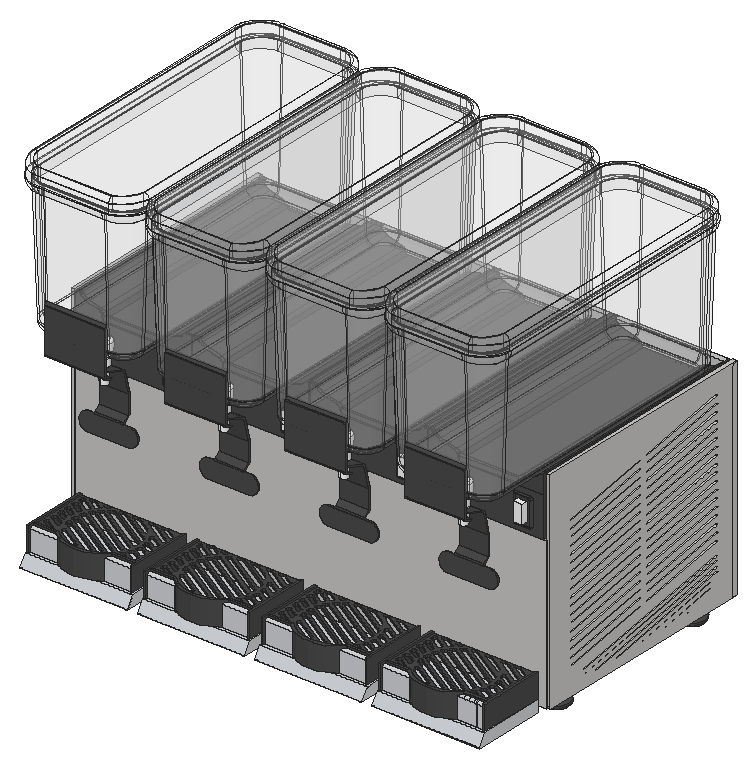
Revit family "QF_Vollrath-VBBD4-37T", category Specialty Equipment, Revit 2018 (continued)
Forms (in)
  Extrusion 6, solid, material "QF_Finishes-Stainless"
    sketch origin (0, 0, 0) x (1, 0, 0) y (0, 0, 1)
      loop
        arc (11.69634, 10.11216) -> (11.66029, 10.10687) -> (11.62728, 10.09148) r 0.12567
        line (11.62728, 10.09148) -> (11.50867, 9.98837) -> (11.50867, 9.94064)
      loop
        line (11.50867, 10.31465) -> (16.82371, 10.31465) -> (16.82371, 10.36239) -> (16.7051, 10.46549)
        arc (16.7051, 10.46549) -> (16.67208, 10.48089) -> (16.63603, 10.48617) r 0.12567
        line (16.63603, 10.48617) -> (11.69634, 10.48617)
        arc (11.69634, 10.48617) -> (11.66029, 10.48089) -> (11.62728, 10.46549) r 0.12567
        line (11.62728, 10.46549) -> (11.50867, 10.36239) -> (11.50867, 10.31465)
      loop
        line (11.50867, 10.68867) -> (16.82371, 10.68867) -> (16.82371, 10.7364) -> (16.7051, 10.83951)
        arc (16.7051, 10.83951) -> (16.67208, 10.85491) -> (16.63603, 10.86019) r 0.12567
        line (16.63603, 10.86019) -> (11.69634, 10.86019)
        arc (11.69634, 10.86019) -> (11.66029, 10.85491) -> (11.62728, 10.83951) r 0.12567
        line (11.62728, 10.83951) -> (11.50867, 10.7364) -> (11.50867, 10.68867)
      loop
        line (11.50867, 11.06268) -> (16.82371, 11.06268) -> (16.82371, 11.11042) -> (16.7051, 11.21352)
        arc (16.7051, 11.21352) -> (16.67208, 11.22892) -> (16.63603, 11.2342) r 0.12567
        line (16.63603, 11.2342) -> (11.69634, 11.2342)
        arc (11.69634, 11.2342) -> (11.66029, 11.22892) -> (11.62728, 11.21352) r 0.12567
        line (11.62728, 11.21352) -> (11.50867, 11.11042) -> (11.50867, 11.06268)
      loop
        line (11.50867, 11.4367) -> (16.82371, 11.4367) -> (16.82371, 11.48443) -> (16.7051, 11.58754)
        arc (16.7051, 11.58754) -> (16.67208, 11.60294) -> (16.63603, 11.60822) r 0.12567
        line (16.63603, 11.60822) -> (11.69634, 11.60822)
        arc (11.69634, 11.60822) -> (11.66029, 11.60294) -> (11.62728, 11.58754) r 0.12567
        line (11.62728, 11.58754) -> (11.50867, 11.48443) -> (11.50867, 11.4367)
      loop
        line (11.50867, 11.81072) -> (16.82371, 11.81072) -> (16.82371, 11.85845) -> (16.7051, 11.96156)
        arc (16.7051, 11.96156) -> (16.67208, 11.97695) -> (16.63603, 11.98223) r 0.12567
        line (16.63603, 11.98223) -> (11.69634, 11.98223)
        arc (11.69634, 11.98223) -> (11.66029, 11.97695) -> (11.62728, 11.96156) r 0.12567
        line (11.62728, 11.96156) -> (11.50867, 11.85845) -> (11.50867, 11.81072)
      loop
        line (11.50867, 12.18473) -> (16.82363, 12.18473) -> (16.82363, 12.23247) -> (16.70502, 12.33557)
        arc (16.70502, 12.33557) -> (16.672, 12.35097) -> (16.63595, 12.35625) r 0.12567
        line (16.63595, 12.35625) -> (11.69634, 12.35625)
        arc (11.69634, 12.35625) -> (11.66029, 12.35097) -> (11.62728, 12.33557) r 0.12567
        line (11.62728, 12.33557) -> (11.50867, 12.23247) -> (11.50867, 12.18473)
      loop
        line (18.5068, 2.08631) -> (23.82183, 2.08631) -> (23.82183, 2.13404) -> (23.70323, 2.23715)
        arc (23.70323, 2.23715) -> (23.67021, 2.25254) -> (23.63416, 2.25782) r 0.12567
        line (23.63416, 2.25782) -> (18.69447, 2.25782)
        arc (18.69447, 2.25782) -> (18.65842, 2.25254) -> (18.62541, 2.23715) r 0.12567
        line (18.62541, 2.23715) -> (18.5068, 2.13404) -> (18.5068, 2.08631)
      loop
        line (18.5068, 2.46032) -> (23.82183, 2.46032) -> (23.82183, 2.50806) -> (23.70323, 2.61116)
        arc (23.70323, 2.61116) -> (23.67021, 2.62656) -> (23.63416, 2.63184) r 0.12567
        line (23.63416, 2.63184) -> (18.69447, 2.63184)
        arc (18.69447, 2.63184) -> (18.65842, 2.62656) -> (18.62541, 2.61116) r 0.12567
        line (18.62541, 2.61116) -> (18.5068, 2.50806) -> (18.5068, 2.46032)
      loop
        line (18.5068, 2.83434) -> (23.82183, 2.83434) -> (23.82183, 2.88207) -> (23.70323, 2.98518)
        arc (23.70323, 2.98518) -> (23.67021, 3.00058) -> (23.63416, 3.00586) r 0.12567
        line (23.63416, 3.00586) -> (18.69447, 3.00586)
        arc (18.69447, 3.00586) -> (18.65842, 3.00058) -> (18.62541, 2.98518) r 0.12567
        line (18.62541, 2.98518) -> (18.5068, 2.88207) -> (18.5068, 2.83434)
      loop
        line (18.5068, 3.20835) -> (23.82183, 3.20835) -> (23.82183, 3.25609) -> (23.70323, 3.35919)
        arc (23.70323, 3.35919) -> (23.67021, 3.37459) -> (23.63416, 3.37987) r 0.12567
        line (23.63416, 3.37987) -> (18.69447, 3.37987)
        arc (18.69447, 3.37987) -> (18.65842, 3.37459) -> (18.62541, 3.35919) r 0.12567
        line (18.62541, 3.35919) -> (18.5068, 3.25609) -> (18.5068, 3.20835)
      loop
        line (18.5068, 3.58237) -> (23.82183, 3.58237) -> (23.82183, 3.6301) -> (23.70323, 3.73321)
        arc (23.70323, 3.73321) -> (23.67021, 3.74861) -> (23.63416, 3.75389) r 0.12567
        line (23.63416, 3.75389) -> (18.69447, 3.75389)
        arc (18.69447, 3.75389) -> (18.65842, 3.74861) -> (18.62541, 3.73321) r 0.12567
        line (18.62541, 3.73321) -> (18.5068, 3.6301) -> (18.5068, 3.58237)
      loop
        line (18.5068, 3.95639) -> (23.82183, 3.95639) -> (23.82183, 4.00412) -> (23.70323, 4.10722)
        arc (23.70323, 4.10722) -> (23.67021, 4.12262) -> (23.63416, 4.1279) r 0.12567
        line (23.63416, 4.1279) -> (18.69447, 4.1279)
        arc (18.69447, 4.1279) -> (18.65842, 4.12262) -> (18.62541, 4.10722) r 0.12567
        line (18.62541, 4.10722) -> (18.5068, 4.00412) -> (18.5068, 3.95639)
      loop
        line (18.5068, 4.3304) -> (23.82183, 4.3304) -> (23.82183, 4.37813) -> (23.70323, 4.48124)
        arc (23.70323, 4.48124) -> (23.67021, 4.49664) -> (23.63416, 4.50192) r 0.12567
        line (23.63416, 4.50192) -> (18.69447, 4.50192)
        arc (18.69447, 4.50192) -> (18.65842, 4.49664) -> (18.62541, 4.48124) r 0.12567
        line (18.62541, 4.48124) -> (18.5068, 4.37813) -> (18.5068, 4.3304)
      loop
        line (18.5068, 4.70442) -> (23.82183, 4.70442) -> (23.82183, 4.75215) -> (23.70323, 4.85526)
        arc (23.70323, 4.85526) -> (23.67021, 4.87065) -> (23.63416, 4.87594) r 0.12567
        line (23.63416, 4.87594) -> (18.69447, 4.87594)
        arc (18.69447, 4.87594) -> (18.65842, 4.87065) -> (18.62541, 4.85526) r 0.12567
        line (18.62541, 4.85526) -> (18.5068, 4.75215) -> (18.5068, 4.70442)
      loop
        line (18.5068, 5.07843) -> (23.82183, 5.07843) -> (23.82183, 5.12617) -> (23.70323, 5.22927)
        arc (23.70323, 5.22927) -> (23.67021, 5.24467) -> (23.63416, 5.24995) r 0.12567
        line (23.63416, 5.24995) -> (18.69447, 5.24995)
        arc (18.69447, 5.24995) -> (18.65842, 5.24467) -> (18.62541, 5.22927) r 0.12567
        line (18.62541, 5.22927) -> (18.5068, 5.12617) -> (18.5068, 5.07843)
      loop
        line (18.5068, 5.45245) -> (23.82183, 5.45245) -> (23.82183, 5.50018) -> (23.70323, 5.60329)
        arc (23.70323, 5.60329) -> (23.67021, 5.61869) -> (23.63416, 5.62397) r 0.12567
        line (23.63416, 5.62397) -> (18.69447, 5.62397)
        arc (18.69447, 5.62397) -> (18.65842, 5.61869) -> (18.62541, 5.60329) r 0.12567
        line (18.62541, 5.60329) -> (18.5068, 5.50018) -> (18.5068, 5.45245)
      loop
        line (18.5068, 5.82646) -> (23.82183, 5.82646) -> (23.82183, 5.8742) -> (23.70323, 5.9773)
        arc (23.70323, 5.9773) -> (23.67021, 5.9927) -> (23.63416, 5.99798) r 0.12567
        line (23.63416, 5.99798) -> (18.69447, 5.99798)
        arc (18.69447, 5.99798) -> (18.65842, 5.9927) -> (18.62541, 5.9773) r 0.12567
        line (18.62541, 5.9773) -> (18.5068, 5.8742) -> (18.5068, 5.82646)
      loop
        line (18.5068, 6.20048) -> (23.82183, 6.20048) -> (23.82183, 6.24821) -> (23.70323, 6.35132)
        arc (23.70323, 6.35132) -> (23.67021, 6.36672) -> (23.63416, 6.372) r 0.12567
        line (23.63416, 6.372) -> (18.69447, 6.372)
        arc (18.69447, 6.372) -> (18.65842, 6.36672) -> (18.62541, 6.35132) r 0.12567
        line (18.62541, 6.35132) -> (18.5068, 6.24821) -> (18.5068, 6.20048)
      loop
        line (18.5068, 6.5745) -> (23.82183, 6.5745) -> (23.82183, 6.62223) -> (23.70323, 6.72534)
        arc (23.70323, 6.72534) -> (23.67021, 6.74073) -> (23.63416, 6.74601) r 0.12567
        line (23.63416, 6.74601) -> (18.69447, 6.74601)
        arc (18.69447, 6.74601) -> (18.65842, 6.74073) -> (18.62541, 6.72534) r 0.12567
        line (18.62541, 6.72534) -> (18.5068, 6.62223) -> (18.5068, 6.5745)
      loop
        line (18.5068, 6.94851) -> (23.82183, 6.94851) -> (23.82183, 6.99625) -> (23.70323, 7.09935)
        arc (23.70323, 7.09935) -> (23.67021, 7.11475) -> (23.63416, 7.12003) r 0.12567
        line (23.63416, 7.12003) -> (18.69447, 7.12003)
        arc (18.69447, 7.12003) -> (18.65842, 7.11475) -> (18.62541, 7.09935) r 0.12567
        line (18.62541, 7.09935) -> (18.5068, 6.99625) -> (18.5068, 6.94851)
      loop
        line (18.5068, 7.32253) -> (23.82183, 7.32253) -> (23.82183, 7.37026) -> (23.70323, 7.47337)
        arc (23.70323, 7.47337) -> (23.67021, 7.48876) -> (23.63416, 7.49405) r 0.12567
        line (23.63416, 7.49405) -> (18.69447, 7.49405)
        arc (18.69447, 7.49405) -> (18.65842, 7.48876) -> (18.62541, 7.47337) r 0.12567
        line (18.62541, 7.47337) -> (18.5068, 7.37026) -> (18.5068, 7.32253)
      loop
        line (18.5068, 7.69654) -> (23.82183, 7.69654) -> (23.82183, 7.74428) -> (23.70323, 7.84738)
        arc (23.70323, 7.84738) -> (23.67021, 7.86278) -> (23.63416, 7.86806) r 0.12567
        line (23.63416, 7.86806) -> (18.69447, 7.86806)
        arc (18.69447, 7.86806) -> (18.65842, 7.86278) -> (18.62541, 7.84738) r 0.12567
        line (18.62541, 7.84738) -> (18.5068, 7.74428) -> (18.5068, 7.69654)
      loop
        line (18.5068, 8.07056) -> (23.82183, 8.07056) -> (23.82183, 8.11829) -> (23.70323, 8.2214)
        arc (23.70323, 8.2214) -> (23.67021, 8.2368) -> (23.63416, 8.24208) r 0.12567
        line (23.63416, 8.24208) -> (18.69447, 8.24208)
        arc (18.69447, 8.24208) -> (18.65842, 8.2368) -> (18.62541, 8.2214) r 0.12567
        line (18.62541, 8.2214) -> (18.5068, 8.11829) -> (18.5068, 8.07056)
      loop
        line (18.5068, 8.44457) -> (23.82183, 8.44457) -> (23.82183, 8.49231) -> (23.70323, 8.59541)
        arc (23.70323, 8.59541) -> (23.67021, 8.61081) -> (23.63416, 8.61609) r 0.12567
        line (23.63416, 8.61609) -> (18.69447, 8.61609)
        arc (18.69447, 8.61609) -> (18.65842, 8.61081) -> (18.62541, 8.59541) r 0.12567
        line (18.62541, 8.59541) -> (18.5068, 8.49231) -> (18.5068, 8.44457)
      loop
        line (18.5068, 8.81859) -> (23.82183, 8.81859) -> (23.82183, 8.86632) -> (23.70323, 8.96943)
        arc (23.70323, 8.96943) -> (23.67021, 8.98483) -> (23.63416, 8.99011) r 0.12567
        line (23.63416, 8.99011) -> (18.69447, 8.99011)
        arc (18.69447, 8.99011) -> (18.65842, 8.98483) -> (18.62541, 8.96943) r 0.12567
        line (18.62541, 8.96943) -> (18.5068, 8.86632) -> (18.5068, 8.81859)
      loop
        line (18.5068, 9.19261) -> (23.82176, 9.19261) -> (23.82176, 9.24034) -> (23.70315, 9.34345)
        arc (23.70315, 9.34345) -> (23.67013, 9.35884) -> (23.63408, 9.36412) r 0.12567
        line (23.63408, 9.36412) -> (18.69447, 9.36412)
        arc (18.69447, 9.36412) -> (18.65842, 9.35884) -> (18.62541, 9.34345) r 0.12567
        line (18.62541, 9.34345) -> (18.5068, 9.24034) -> (18.5068, 9.19261)
      loop
        line (18.5068, 9.56662) -> (23.82183, 9.56662) -> (23.82183, 9.61436) -> (23.70323, 9.71746)
        arc (23.70323, 9.71746) -> (23.67021, 9.73286) -> (23.63416, 9.73814) r 0.12567
        line (23.63416, 9.73814) -> (18.69447, 9.73814)
        arc (18.69447, 9.73814) -> (18.65842, 9.73286) -> (18.62541, 9.71746) r 0.12567
        line (18.62541, 9.71746) -> (18.5068, 9.61436) -> (18.5068, 9.56662)
      loop
        line (18.5068, 9.94064) -> (23.82183, 9.94064) -> (23.82183, 9.98837) -> (23.70323, 10.09148)
        arc (23.70323, 10.09148) -> (23.67021, 10.10687) -> (23.63416, 10.11216) r 0.12567
        line (23.63416, 10.11216) -> (18.69447, 10.11216)
        arc (18.69447, 10.11216) -> (18.65842, 10.10687) -> (18.62541, 10.09148) r 0.12567
        line (18.62541, 10.09148) -> (18.5068, 9.98837) -> (18.5068, 9.94064)
      loop
        line (18.5068, 10.31465) -> (23.82183, 10.31465) -> (23.82183, 10.36239) -> (23.70323, 10.46549)
        arc (23.70323, 10.46549) -> (23.67021, 10.48089) -> (23.63416, 10.48617) r 0.12567
        line (23.63416, 10.48617) -> (18.69447, 10.48617)
        arc (18.69447, 10.48617) -> (18.65842, 10.48089) -> (18.62541, 10.46549) r 0.12567
        line (18.62541, 10.46549) -> (18.5068, 10.36239) -> (18.5068, 10.31465)
      loop
        line (18.5068, 10.68867) -> (23.82183, 10.68867) -> (23.82183, 10.7364) -> (23.70323, 10.83951)
        arc (23.70323, 10.83951) -> (23.67021, 10.85491) -> (23.63416, 10.86019) r 0.12567
        line (23.63416, 10.86019) -> (18.69447, 10.86019)
        arc (18.69447, 10.86019) -> (18.65842, 10.85491) -> (18.62541, 10.83951) r 0.12567
        line (18.62541, 10.83951) -> (18.5068, 10.7364) -> (18.5068, 10.68867)
      loop
        line (18.5068, 11.06268) -> (23.82183, 11.06268) -> (23.82183, 11.11042) -> (23.70323, 11.21352)
        arc (23.70323, 11.21352) -> (23.67021, 11.22892) -> (23.63416, 11.2342) r 0.12567
        line (23.63416, 11.2342) -> (18.69447, 11.2342)
        arc (18.69447, 11.2342) -> (18.65842, 11.22892) -> (18.62541, 11.21352) r 0.12567
        line (18.62541, 11.21352) -> (18.5068, 11.11042) -> (18.5068, 11.06268)
      loop
        line (18.5068, 11.4367) -> (23.82183, 11.4367) -> (23.82183, 11.48443) -> (23.70323, 11.58754)
        arc (23.70323, 11.58754) -> (23.67021, 11.60294) -> (23.63416, 11.60822) r 0.12567
        line (23.63416, 11.60822) -> (18.69447, 11.60822)
        arc (18.69447, 11.60822) -> (18.65842, 11.60294) -> (18.62541, 11.58754) r 0.12567
        line (18.62541, 11.58754) -> (18.5068, 11.48443) -> (18.5068, 11.4367)
      loop
        line (18.5068, 11.81072) -> (23.82183, 11.81072) -> (23.82183, 11.85845) -> (23.70323, 11.96156)
        arc (23.70323, 11.96156) -> (23.67021, 11.97695) -> (23.63416, 11.98223) r 0.12567
        line (23.63416, 11.98223) -> (18.69447, 11.98223)
        arc (18.69447, 11.98223) -> (18.65842, 11.97695) -> (18.62541, 11.96156) r 0.12567
        line (18.62541, 11.96156) -> (18.5068, 11.85845) -> (18.5068, 11.81072)
      loop
        line (18.5068, 12.18473) -> (23.82176, 12.18473) -> (23.82176, 12.23247) -> (23.70315, 12.33557)
        arc (23.70315, 12.33557) -> (23.67013, 12.35097) -> (23.63408, 12.35625) r 0.12567
        line (23.63408, 12.35625) -> (18.69447, 12.35625)
        arc (18.69447, 12.35625) -> (18.65842, 12.35097) -> (18.62541, 12.33557) r 0.12567
        line (18.62541, 12.33557) -> (18.5068, 12.23247) -> (18.5068, 12.18473)
    from -10.7576 to -10.47957
  Revolve 7, solid, material "QF_Finishes-Black Plastic"
    sketch origin (-2.65829, 2.28125, 0) x (0, 1, 0) y (0, 0, 1)
      loop
        line (6.4307, 0.71878) -> (5.9307, 0.71878) -> (5.90967, 0.3175)
        arc (5.90967, 0.3175) -> (5.90114, 0.28329) -> (5.88042, 0.25477) r 0.09238
        line (5.88042, 0.25477) -> (5.63639, 0.15617) -> (5.65129, 0.03478)
        arc (5.65129, 0.03478) -> (5.66148, 0.01019) -> (5.68607, 0) r 0.03478
        line (5.68607, 0) -> (6.4307, 0) -> (6.4307, 0.71878)
      axis (6.4307, 0) -> (6.4307, 0.71878)
    angle from 0 to 360
  Revolve 8, solid, material "QF_Finishes-Black Plastic"
    sketch origin (-2.65829, -7.91744, 0) x (0, 1, 0) y (0, 0, 1)
      loop
        line (6.4307, 0.71878) -> (5.9307, 0.71878) -> (5.90967, 0.3175)
        arc (5.90967, 0.3175) -> (5.90114, 0.28329) -> (5.88042, 0.25477) r 0.09238
        line (5.88042, 0.25477) -> (5.63639, 0.15617) -> (5.65129, 0.03478)
        arc (5.65129, 0.03478) -> (5.66148, 0.01019) -> (5.68607, 0) r 0.03478
        line (5.68607, 0) -> (6.4307, 0) -> (6.4307, 0.71878)
      axis (6.4307, 0) -> (6.4307, 0.71878)
    angle from 0 to 360
  Revolve 9, solid, material "QF_Finishes-Black Plastic"
    sketch origin (24.04934, 2.28125, 0) x (0, 1, 0) y (0, 0, 1)
      loop
        line (6.4307, 0.71878) -> (5.9307, 0.71878) -> (5.90967, 0.3175)
        arc (5.90967, 0.3175) -> (5.90114, 0.28329) -> (5.88042, 0.25477) r 0.09238
        line (5.88042, 0.25477) -> (5.63639, 0.15617) -> (5.65129, 0.03478)
        arc (5.65129, 0.03478) -> (5.66148, 0.01019) -> (5.68607, 0) r 0.03478
        line (5.68607, 0) -> (6.4307, 0) -> (6.4307, 0.71878)
      axis (6.4307, 0) -> (6.4307, 0.71878)
    angle from 0 to 360
  Revolve 10, solid, material "QF_Finishes-Black Plastic"
    sketch origin (24.04934, -7.91744, 0) x (0, 1, 0) y (0, 0, 1)
      loop
        line (6.4307, 0.71878) -> (5.9307, 0.71878) -> (5.90967, 0.3175)
        arc (5.90967, 0.3175) -> (5.90114, 0.28329) -> (5.88042, 0.25477) r 0.09238
        line (5.88042, 0.25477) -> (5.63639, 0.15617) -> (5.65129, 0.03478)
        arc (5.65129, 0.03478) -> (5.66148, 0.01019) -> (5.68607, 0) r 0.03478
        line (5.68607, 0) -> (6.4307, 0) -> (6.4307, 0.71878)
      axis (6.4307, 0) -> (6.4307, 0.71878)
    angle from 0 to 360
  Extrusion 11, solid, material "QF_Finishes-Black Plastic"
    sketch origin (0, 0, 0) x (1, 0, 0) y (0, 1, 0)
      loop
        line (3.18945, -3.12402) -> (-3.14914, -3.12402) -> (-3.14914, -7.27756) -> (-3.05071, -7.27756) -> (-3.05071, -6.9626) -> (-1.68325, -6.9626)
        arc (-1.68325, -6.9626) -> (-1.65302, -6.96863) -> (-1.62741, -6.98581) r 0.07879
        arc (-1.62741, -6.98581) -> (0.01907, -7.67007) -> (1.66554, -6.98581) r 2.323
        arc (1.66554, -6.98581) -> (1.69232, -6.96862) -> (1.72357, -6.9626) r 0.08414
        line (1.72357, -6.9626) -> (3.09102, -6.9626) -> (3.09102, -7.27756) -> (3.18945, -7.27756) -> (3.18945, -3.12402)
      loop
        line (-3.05071, -3.19488) -> (-3.05071, -6.8248) -> (-1.68325, -6.8248)
        arc (-1.68325, -6.8248) -> (-1.60014, -6.84139) -> (-1.52977, -6.88862) r 0.21647
        arc (-1.52977, -6.88862) -> (0.02, -7.53304) -> (1.56978, -6.88862) r 2.18576
        arc (1.56978, -6.88862) -> (1.64015, -6.84139) -> (1.72326, -6.8248) r 0.21647
        line (1.72326, -6.8248) -> (3.09102, -6.8248) -> (3.09102, -3.19488) -> (-3.05071, -3.19488)
    from 1.03543 to 2.48031
  Extrusion 12, solid, material "QF_Finishes-Black Plastic"
    sketch origin (-0.43601, -0.69203, -0.67436) x (0, 1, 0) y (0, 0, 1)
      loop
        arc (-6.7126, 12.77975) -> (-6.69637, 12.72827) -> (-6.65354, 12.69541) r 0.08975
        line (-6.65354, 12.69541) -> (-6.24829, 12.54791) -> (-6.22809, 12.6034) -> (-6.65354, 12.75825) -> (-6.65354, 15.43542) -> (-6.55627, 15.57434) -> (-6.585, 15.63626) -> (-6.69836, 15.47437)
        arc (-6.69836, 15.47437) -> (-6.70895, 15.45289) -> (-6.7126, 15.42921) r 0.07874
        line (-6.7126, 15.42921) -> (-6.7126, 12.77975)
    from -1.53543 to 2.09496
  Revolve 13, solid, material "QF_Finishes-White Rubber"
    sketch origin (-0.09375, -0.00627, -0.98853) x (0, 1, 0) y (0, 0, 1)
      loop
        line (-5.26181, 11.33771) -> (-5.26181, 13.7196) -> (-5.58313, 13.7196)
        arc (-5.58313, 13.7196) -> (-5.66215, 13.68687) -> (-5.69488, 13.60785) r 0.11175
        line (-5.69488, 13.60785) -> (-5.6749, 12.85346) -> (-5.57506, 12.85346) -> (-5.57506, 12.36572) -> (-5.49364, 12.33608) -> (-5.49364, 11.33771) -> (-5.26181, 11.33771)
      axis (-5.26181, 11.33771) -> (-5.26181, 13.7196)
    angle from 0 to 360
  Extrusion 14, solid, material "QF_Finishes-Black Plastic"
    sketch origin (-0.14844, 0.05623, -0.98853) x (0, 1, 0) y (0, 0, 1)
      loop
        line (-4.89794, 12.05642) -> (-4.5209, 10.64927) -> (-4.5209, 9.50735) -> (-4.87524, 9.24034)
        arc (-4.87524, 9.24034) -> (-4.89988, 9.20972) -> (-4.90703, 9.17106) r 0.08027
        line (-4.90703, 9.17106) -> (-4.84806, 9.16797) -> (-4.83447, 9.19711) -> (-4.4932, 9.45428)
        arc (-4.4932, 9.45428) -> (-4.47012, 9.48203) -> (-4.46184, 9.51717) r 0.07874
        line (-4.46184, 9.51717) -> (-4.46184, 10.65704) -> (-4.8302, 12.03176)
        arc (-4.8302, 12.03176) -> (-4.86865, 12.09212) -> (-4.92901, 12.13057) r 0.16532
        line (-4.92901, 12.13057) -> (-6.9898, 12.88064) -> (-7.01, 12.82515) -> (-4.89794, 12.05642)
    from -0.87952 to 0.8668
  Extrusion 15, solid, material "QF_Finishes-Black Plastic"
    sketch origin (-0.15625, -0.40114, -1.21779) x (1, 0, 0) y (0, 0.052336, 0.99863)
      loop
        line (-1.23031, 8.07021) -> (1.23031, 8.07021)
        arc (1.23031, 8.07021) -> (1.77091, 8.61081) -> (1.23031, 9.1514) r 0.5406
        line (1.23031, 9.1514) -> (-1.23031, 9.1514)
        arc (-1.23031, 9.1514) -> (-1.77091, 8.61081) -> (-1.23031, 8.07021) r 0.5406
    from 4.87511 to 4.93413
  Sweep 16, solid, material "QF_Finishes-Clear Plastic"
    path origin (-0.15625, 0, 0) x (1, 0, 0) y (0, 1, 0)
      loop
        arc (-2.3069, -6.00035) -> (-2.17234, -6.32521) -> (-1.84748, -6.45977) r 0.45942
        line (-1.84748, -6.45977) -> (1.84782, -6.45977)
        arc (1.84782, -6.45977) -> (2.17447, -6.32446) -> (2.30977, -5.99781) r 0.46195
        line (2.30977, -5.99781) -> (2.30977, 9.13206)
        arc (2.30977, 9.13206) -> (2.17447, 9.45871) -> (1.84782, 9.59402) r 0.46195
        line (1.84782, 9.59402) -> (-1.84748, 9.59402)
        arc (-1.84748, 9.59402) -> (-2.17234, 9.45946) -> (-2.3069, 9.1346) r 0.45942
        line (-2.3069, 9.1346) -> (-2.3069, -6.00035)
    profile origin (-2.46315, 1.56713, 0) x (-1, 0, 0) y (0, 0, 1)
      loop
        line (1.00727, 21.24909) -> (0.86945, 21.24909) -> (0.60808, 13.43579)
        arc (0.60808, 13.43579) -> (0.48758, 13.16469) -> (0.21238, 13.05386) r 0.39514
        line (0.21238, 13.05386) -> (0.22508, 12.90709)
        arc (0.22508, 12.90709) -> (0.59013, 13.08301) -> (0.74651, 13.45684) r 0.57097
        line (0.74651, 13.45684) -> (1.00727, 21.24909)
  Extrusion 17, solid, material "QF_Finishes-Black Plastic"
    sketch origin (0, 0, -0.6875) x (1, 0, 0) y (0, 0, 1)
      loop
        line (-3.46457, 13.95475) -> (-3.46457, 12.85346) -> (3.55, 12.85346) -> (3.55, 13.95475) -> (3.22835, 13.95475)
        arc (3.22835, 13.95475) -> (3.13884, 13.93326) -> (3.06885, 13.87348) r 0.19715
        arc (3.06885, 13.87348) -> (3.03916, 13.82718) -> (3.00315, 13.7856) r 0.3838
        arc (3.00315, 13.7856) -> (2.87095, 13.68416) -> (2.717, 13.62039) r 0.63833
        line (2.717, 13.62039) -> (1.86181, 13.39124)
        arc (1.86181, 13.39124) -> (1.74573, 13.32397) -> (1.67922, 13.20745) r 0.2576
        line (1.67922, 13.20745) -> (1.62646, 12.90825) -> (-1.78271, 12.90825) -> (-1.83547, 13.20745)
        arc (-1.83547, 13.20745) -> (-1.90198, 13.32397) -> (-2.01806, 13.39124) r 0.2576
        line (-2.01806, 13.39124) -> (-2.72746, 13.58133)
        arc (-2.72746, 13.58133) -> (-2.88142, 13.6451) -> (-3.01362, 13.74654) r 0.63833
        arc (-3.01362, 13.74654) -> (-3.07424, 13.82539) -> (-3.11257, 13.91717) r 0.3838
        arc (-3.11257, 13.91717) -> (-3.16749, 13.94512) -> (-3.22835, 13.95475) r 0.19715
        line (-3.22835, 13.95475) -> (-3.46457, 13.95475)
    from -10.7576 to 3.27362
  Extrusion 18, solid, material "Clearance - Code/Mandatory", detail levels coarse
    sketch origin (-7.40625, 0, 0) x (1, 0, 0) y (0, 1, 0)
      loop
        line (38.52625, 10.7576) -> (32.525, 10.7576) -> (32.525, -7.75) -> (38.52625, -7.75) -> (38.52625, 10.7576)
    from 0 to 22.12081
  Extrusion 19, solid, material "Clearance - Code/Mandatory", detail levels coarse
    sketch origin (7.40625, 0, 0) x (-1, 0, 0) y (0, -1, 0)
      loop
        line (11.07375, -10.7576) -> (16.89375, -10.7576) -> (16.89375, 7.75) -> (11.07375, 7.75) -> (11.07375, -10.7576)
    from 0 to 22.12081
  Extrusion 20, solid, material "Clearance - Code/Mandatory", detail levels coarse
    sketch origin (3.86032, -3.20625, 0.03446) x (0, 1, 0) y (-1, 0, 0)
      loop
        line (13.96385, -27.25968) -> (20.08125, -27.25968) -> (20.08125, 13.34782) -> (13.96385, 13.34782) -> (13.96385, -27.25968)
    from 0 to 22.08634
  Sweep 21, solid, material "QF_Finishes-Clear Plastic"
    path origin (-0.15625, 0, 0) x (1, 0, 0) y (0, 1, 0)
      loop
        line (1.97575, 9.86597) -> (-1.98, 9.86597)
        arc (-1.98, 9.86597) -> (-2.54709, 9.63108) -> (-2.78198, 9.064) r 0.80197
        line (-2.78198, 9.064) -> (-2.78198, -6.12347)
        arc (-2.78198, -6.12347) -> (-2.53304, -6.72445) -> (-1.93206, -6.97339) r 0.84992
        line (-1.93206, -6.97339) -> (1.91929, -6.97339)
        arc (1.91929, -6.97339) -> (2.53134, -6.71987) -> (2.78485, -6.10782) r 0.86556
        line (2.78485, -6.10782) -> (2.78485, 9.05687)
        arc (2.78485, 9.05687) -> (2.54787, 9.62899) -> (1.97575, 9.86597) r 0.8091
    profile origin (-0.15838, 9.86597, 0) x (0, -1, 0) y (0, 0, 1)
      loop
        line (-0.42938, 20.63713) -> (-0.42938, 21.24909) -> (-0.79275, 21.24909)
        arc (-0.79275, 21.24909) -> (-0.70586, 20.88683) -> (-0.42938, 20.63713) r 0.62946
  Extrusion 22, solid
    sketch origin (0, 0, 0) x (0, 1, 0) y (0, 0, 1)
      loop
        line (-3.39961, 1.03543) -> (-7.3563, 1.03543) -> (-7.75, 0.3937) -> (-7.75, 0.35433) -> (-3.39961, 0.35433) -> (-3.39961, 1.03543)
    from -3.17717 to 3.27868
  Extrusion 23, solid
    sketch origin (0, 0, 0) x (0, 1, 0) y (0, 0, 1)
      loop
        arc (-6.9626, 2.40157) -> (-7.08882, 2.37471) -> (-7.18008, 2.28346) r 0.22732
        line (-7.18008, 2.28346) -> (-7.18008, 1.03543) -> (-6.9626, 1.03543) -> (-6.9626, 2.40157)
    from -3.05071 to -1.36292
  Extrusion 24, solid, material "QF_Finishes-Black Plastic"
    sketch origin (0, 0, 0) x (1, 0, 0) y (0, 1, 0)
      loop
        line (-3.05071, -6.8248) -> (-1.68325, -6.8248)
        arc (-1.68325, -6.8248) -> (-1.60014, -6.84139) -> (-1.52977, -6.88862) r 0.21647
        arc (-1.52977, -6.88862) -> (0.02, -7.53304) -> (1.56978, -6.88862) r 2.18576
        arc (1.56978, -6.88862) -> (1.64015, -6.84139) -> (1.72326, -6.8248) r 0.21647
        line (1.72326, -6.8248) -> (3.09102, -6.8248) -> (3.09102, -3.19488) -> (-3.05071, -3.19488) -> (-3.05071, -6.8248)
      loop
        line (1.99999, -5.31469) -> (-0.85274, -3.56972)
        arc (-0.85274, -3.56972) -> (-0.90143, -3.55568) -> (-0.95047, -3.56848) r 0.09564
        line (-0.95047, -3.56848) -> (-1.05079, -3.62641)
        arc (-1.05079, -3.62641) -> (-1.09797, -3.71056) -> (-1.05079, -3.79471) r 0.09865
        line (-1.05079, -3.79471) -> (1.89113, -5.59424)
        arc (1.89113, -5.59424) -> (1.98696, -5.59808) -> (2.04057, -5.51856) r 0.09843
        line (2.04057, -5.51856) -> (2.04706, -5.40253)
        arc (2.04706, -5.40253) -> (2.03544, -5.35223) -> (1.99999, -5.31469) r 0.09857
      loop
        line (1.92869, -5.80182) -> (-1.25519, -3.85429)
        arc (-1.25519, -3.85429) -> (-1.31546, -3.84407) -> (-1.37003, -3.87162) r 0.09782
        line (-1.37003, -3.87162) -> (-1.44371, -3.9453)
        arc (-1.44371, -3.9453) -> (-1.47148, -4.02385) -> (-1.42783, -4.09482) r 0.09665
        line (-1.42783, -4.09482) -> (1.79158, -6.06408)
        arc (1.79158, -6.06408) -> (1.8762, -6.07294) -> (1.93593, -6.01235) r 0.09812
        line (1.93593, -6.01235) -> (1.96819, -5.91075)
        arc (1.96819, -5.91075) -> (1.96695, -5.84957) -> (1.92869, -5.80182) r 0.09507
      loop
        line (1.74837, -6.22226) -> (-1.54753, -4.20621)
        arc (-1.54753, -4.20621) -> (-1.61887, -4.19636) -> (-1.67693, -4.23897) r 0.09584
        line (-1.67693, -4.23897) -> (-1.73108, -4.32679)
        arc (-1.73108, -4.32679) -> (-1.743, -4.39877) -> (-1.70104, -4.45845) r 0.09631
        line (-1.70104, -4.45845) -> (1.59739, -6.47604)
        arc (1.59739, -6.47604) -> (1.66914, -6.48577) -> (1.72723, -6.44255) r 0.09587
        line (1.72723, -6.44255) -> (1.78078, -6.35401)
        arc (1.78078, -6.35401) -> (1.79129, -6.28157) -> (1.74837, -6.22226) r 0.09741
      loop
        line (1.48132, -6.58966) -> (-1.74811, -4.61427)
        arc (-1.74811, -4.61427) -> (-1.83177, -4.60731) -> (-1.88979, -4.66798) r 0.09744
        line (-1.88979, -4.66798) -> (-1.92257, -4.76761)
        arc (-1.92257, -4.76761) -> (-1.92194, -4.82904) -> (-1.88395, -4.87732) r 0.0953
        line (-1.88395, -4.87732) -> (1.30511, -6.82801)
        arc (1.30511, -6.82801) -> (1.36581, -6.8405) -> (1.42146, -6.81321) r 0.09579
        line (1.42146, -6.81321) -> (1.49519, -6.73948)
        arc (1.49519, -6.73948) -> (1.52341, -6.66132) -> (1.48132, -6.58966) r 0.09779
      loop
        line (1.10757, -6.89177) -> (-1.84914, -5.0832)
        arc (-1.84914, -5.0832) -> (-1.94458, -5.07917) -> (-1.99846, -5.15805) r 0.0984
        line (-1.99846, -5.15805) -> (-2.00593, -5.27264)
        arc (-2.00593, -5.27264) -> (-1.99506, -5.32396) -> (-1.95906, -5.3621) r 0.09696
        line (-1.95906, -5.3621) -> (0.91264, -7.11867)
        arc (0.91264, -7.11867) -> (0.96072, -7.13194) -> (1.0088, -7.11867) r 0.09375
        line (1.0088, -7.11867) -> (1.10757, -7.05966)
        arc (1.10757, -7.05966) -> (1.15463, -6.97572) -> (1.10757, -6.89177) r 0.0984
      loop
        line (0.60863, -7.11732) -> (-1.82264, -5.63015)
        arc (-1.82264, -5.63015) -> (-1.92999, -5.63329) -> (-1.97033, -5.73281) r 0.09825
        line (-1.97033, -5.73281) -> (-1.93774, -5.87396)
        arc (-1.93774, -5.87396) -> (-1.92175, -5.90738) -> (-1.89442, -5.93238) r 0.09714
        line (-1.89442, -5.93238) -> (0.37225, -7.31886)
        arc (0.37225, -7.31886) -> (0.40695, -7.33252) -> (0.44421, -7.33107) r 0.09073
        line (0.44421, -7.33107) -> (0.58467, -7.29582)
        arc (0.58467, -7.29582) -> (0.65482, -7.21438) -> (0.60863, -7.11732) r 0.09843
      loop
        line (-0.15644, -7.18008) -> (-1.53008, -6.33984)
        arc (-1.53008, -6.33984) -> (-1.65245, -6.35562) -> (-1.66332, -6.47852) r 0.09845
        line (-1.66332, -6.47852) -> (-1.474, -6.72028) -> (-0.52036, -7.30361) -> (-0.21942, -7.36177)
        arc (-0.21942, -7.36177) -> (-0.1148, -7.29628) -> (-0.15644, -7.18008) r 0.09842
      loop
        line (1.92796, -4.73989) -> (-0.30697, -3.37282)
        arc (-0.30697, -3.37282) -> (-0.34079, -3.3598) -> (-0.37704, -3.35963) r 0.10043
        line (-0.37704, -3.35963) -> (-0.52004, -3.39377)
        arc (-0.52004, -3.39377) -> (-0.59167, -3.47506) -> (-0.54547, -3.57306) r 0.09865
        line (-0.54547, -3.57306) -> (1.85831, -5.04342)
        arc (1.85831, -5.04342) -> (1.96624, -5.03999) -> (2.00606, -4.93962) r 0.09842
        line (2.00606, -4.93962) -> (1.97137, -4.79716)
        arc (1.97137, -4.79716) -> (1.95507, -4.76442) -> (1.92796, -4.73989) r 0.09857
      loop
        line (1.46531, -3.92615) -> (0.62845, -3.41426)
        arc (0.62845, -3.41426) -> (0.46776, -3.37153) -> (0.30428, -3.34114) r 2.18615
        arc (0.30428, -3.34114) -> (0.19761, -3.4051) -> (0.23921, -3.5223) r 0.09818
        line (0.23921, -3.5223) -> (1.54679, -4.32213)
        arc (1.54679, -4.32213) -> (1.66978, -4.30502) -> (1.67799, -4.18113) r 0.09835
        arc (1.67799, -4.18113) -> (1.57664, -4.04948) -> (1.46531, -3.92615) r 2.12561
      loop
        line (2.83911, -4.23574) -> (1.36588, -3.33459)
        arc (1.36588, -3.33459) -> (1.34175, -3.32427) -> (1.31572, -3.32087) r 0.09593
        arc (1.31572, -3.32087) -> (1.27881, -3.321) -> (1.2419, -3.32087) r 5.03614
        arc (1.2419, -3.32087) -> (1.14687, -3.39171) -> (1.18925, -3.5024) r 0.0982
        arc (1.18925, -3.5024) -> (1.38493, -3.6409) -> (1.56306, -3.80134) r 2.04444
        line (1.56306, -3.80134) -> (2.73642, -4.51906)
        arc (2.73642, -4.51906) -> (2.8353, -4.51983) -> (2.88433, -4.43395) r 0.09782
        arc (2.88433, -4.43395) -> (2.88401, -4.37627) -> (2.88433, -4.31858) r 5.14481
        arc (2.88433, -4.31858) -> (2.87254, -4.27125) -> (2.83911, -4.23574) r 0.0965
      loop
        line (2.83639, -3.70334) -> (2.23231, -3.33383)
        arc (2.23231, -3.33383) -> (2.21027, -3.32439) -> (2.18655, -3.32087) r 0.09339
        line (2.18655, -3.32087) -> (1.99477, -3.32087)
        arc (1.99477, -3.32087) -> (1.89988, -3.39257) -> (1.94341, -3.50325) r 0.09837
        line (1.94341, -3.50325) -> (2.73528, -3.98763)
        arc (2.73528, -3.98763) -> (2.83413, -3.98931) -> (2.88433, -3.90415) r 0.09818
        arc (2.88433, -3.90415) -> (2.88448, -3.84599) -> (2.88433, -3.78784) r 11.3571
        arc (2.88433, -3.78784) -> (2.87139, -3.73933) -> (2.83639, -3.70334) r 0.09933
      loop
        arc (-2.69423, -5.62775) -> (-2.79372, -5.62586) -> (-2.84402, -5.71171) r 0.09843
        line (-2.84402, -5.71171) -> (-2.84402, -5.82709)
        arc (-2.84402, -5.82709) -> (-2.83145, -5.87522) -> (-2.79695, -5.91106) r 0.09843
        line (-2.79695, -5.91106) -> (-2.13741, -6.31449)
        arc (-2.13741, -6.31449) -> (-2.02317, -6.30683) -> (-1.99384, -6.19615) r 0.09819
        line (-1.99384, -6.19615) -> (-2.04986, -6.04886)
        arc (-2.04986, -6.04886) -> (-2.066, -6.01898) -> (-2.09144, -5.99647) r 0.09728
        line (-2.09144, -5.99647) -> (-2.69423, -5.62775)
      loop
        arc (-2.69423, -5.09701) -> (-2.79372, -5.09512) -> (-2.84402, -5.18097) r 0.09843
        line (-2.84402, -5.18097) -> (-2.84402, -5.29635)
        arc (-2.84402, -5.29635) -> (-2.83145, -5.34448) -> (-2.79695, -5.38032) r 0.09843
        line (-2.79695, -5.38032) -> (-2.30078, -5.68381)
        arc (-2.30078, -5.68381) -> (-2.19664, -5.68292) -> (-2.1516, -5.58901) r 0.09843
        line (-2.1516, -5.58901) -> (-2.16128, -5.47226)
        arc (-2.16128, -5.47226) -> (-2.17523, -5.42752) -> (-2.20826, -5.39428) r 0.09865
        line (-2.20826, -5.39428) -> (-2.69423, -5.09701)
      loop
        arc (-2.69423, -4.56627) -> (-2.79372, -4.56438) -> (-2.84402, -4.65023) r 0.09843
        line (-2.84402, -4.65023) -> (-2.84402, -4.76561)
        arc (-2.84402, -4.76561) -> (-2.83145, -4.81374) -> (-2.79695, -4.84958) r 0.09843
        line (-2.79695, -4.84958) -> (-2.29775, -5.15493)
        arc (-2.29775, -5.15493) -> (-2.20358, -5.15958) -> (-2.14873, -5.0829) r 0.09839
        line (-2.14873, -5.0829) -> (-2.13391, -4.98165)
        arc (-2.13391, -4.98165) -> (-2.14196, -4.92467) -> (-2.17954, -4.8811) r 0.10209
        line (-2.17954, -4.8811) -> (-2.69423, -4.56627)
      loop
        arc (-2.69423, -4.03555) -> (-2.79372, -4.03365) -> (-2.84402, -4.11951) r 0.09843
        line (-2.84402, -4.11951) -> (-2.84402, -4.23489)
        arc (-2.84402, -4.23489) -> (-2.83145, -4.28301) -> (-2.79695, -4.31885) r 0.09843
        line (-2.79695, -4.31885) -> (-2.19054, -4.68978)
        arc (-2.19054, -4.68978) -> (-2.10586, -4.69843) -> (-2.0461, -4.63781) r 0.09843
        line (-2.0461, -4.63781) -> (-2.01311, -4.5476)
        arc (-2.01311, -4.5476) -> (-2.01108, -4.48046) -> (-2.05286, -4.42787) r 0.09777
        line (-2.05286, -4.42787) -> (-2.69423, -4.03555)
      loop
        arc (-2.69423, -3.50479) -> (-2.79372, -3.5029) -> (-2.84402, -3.58875) r 0.09843
        line (-2.84402, -3.58875) -> (-2.84402, -3.70413)
        arc (-2.84402, -3.70413) -> (-2.83145, -3.75226) -> (-2.79695, -3.78809) r 0.09843
        line (-2.79695, -3.78809) -> (-2.00078, -4.2751)
        arc (-2.00078, -4.2751) -> (-1.92526, -4.28682) -> (-1.86377, -4.24142) r 0.09931
        line (-1.86377, -4.24142) -> (-1.8143, -4.16136)
        arc (-1.8143, -4.16136) -> (-1.80095, -4.08604) -> (-1.84557, -4.0239) r 0.09843
        line (-1.84557, -4.0239) -> (-2.69423, -3.50479)
      loop
        arc (-2.69423, -6.15849) -> (-2.79372, -6.1566) -> (-2.84402, -6.24246) r 0.09843
        line (-2.84402, -6.24246) -> (-2.84402, -6.35783)
        arc (-2.84402, -6.35783) -> (-2.83145, -6.40596) -> (-2.79695, -6.4418) r 0.09843
        line (-2.79695, -6.4418) -> (-2.18491, -6.81617) -> (-1.91188, -6.81617)
        arc (-1.91188, -6.81617) -> (-1.85587, -6.7319) -> (-1.9031, -6.64241) r 0.09904
        line (-1.9031, -6.64241) -> (-2.69423, -6.15849)
      loop
        line (-2.39494, -3.50325) -> (-1.73202, -3.90876)
        arc (-1.73202, -3.90876) -> (-1.66637, -3.92218) -> (-1.60735, -3.89047) r 0.09841
        line (-1.60735, -3.89047) -> (-1.54093, -3.82001)
        arc (-1.54093, -3.82001) -> (-1.51481, -3.73924) -> (-1.5609, -3.66795) r 0.09896
        line (-1.5609, -3.66795) -> (-2.18752, -3.28465)
        arc (-2.18752, -3.28465) -> (-2.235, -3.26983) -> (-2.28367, -3.28012) r 0.09843
        line (-2.28367, -3.28012) -> (-2.38686, -3.33173)
        arc (-2.38686, -3.33173) -> (-2.44114, -3.41512) -> (-2.39494, -3.50325) r 0.09843
      loop
        arc (-1.47591, -3.32087) -> (-1.57065, -3.39261) -> (-1.52727, -3.50325) r 0.09843
        line (-1.52727, -3.50325) -> (-1.3826, -3.59175)
        arc (-1.3826, -3.59175) -> (-1.32707, -3.60613) -> (-1.27295, -3.58713) r 0.09847
        line (-1.27295, -3.58713) -> (-1.18803, -3.52827)
        arc (-1.18803, -3.52827) -> (-1.14526, -3.44427) -> (-1.19182, -3.36231) r 0.09944
        line (-1.19182, -3.36231) -> (-1.23593, -3.33533)
        arc (-1.23593, -3.33533) -> (-1.26061, -3.32455) -> (-1.28729, -3.32087) r 0.09843
        line (-1.28729, -3.32087) -> (-1.47591, -3.32087)
      loop
        arc (2.16593, -4.35471) -> (2.05008, -4.36433) -> (2.02423, -4.47767) r 0.09841
        line (2.02423, -4.47767) -> (2.08147, -4.62318)
        arc (2.08147, -4.62318) -> (2.09769, -4.65241) -> (2.12281, -4.67447) r 0.09781
        line (2.12281, -4.67447) -> (2.73454, -5.04866)
        arc (2.73454, -5.04866) -> (2.83403, -5.05055) -> (2.88433, -4.9647) r 0.09843
        line (2.88433, -4.9647) -> (2.88433, -4.84932)
        arc (2.88433, -4.84932) -> (2.87176, -4.80119) -> (2.83726, -4.76535) r 0.09843
        line (2.83726, -4.76535) -> (2.16593, -4.35471)
      loop
        arc (2.33855, -4.99104) -> (2.23397, -4.99219) -> (2.18943, -5.08682) r 0.09845
        line (2.18943, -5.08682) -> (2.20051, -5.20384)
        arc (2.20051, -5.20384) -> (2.21442, -5.2483) -> (2.24726, -5.28133) r 0.09819
        line (2.24726, -5.28133) -> (2.73454, -5.5794)
        arc (2.73454, -5.5794) -> (2.83403, -5.58129) -> (2.88433, -5.49544) r 0.09843
        line (2.88433, -5.49544) -> (2.88433, -5.38006)
        arc (2.88433, -5.38006) -> (2.87176, -5.33193) -> (2.83726, -5.29609) r 0.09843
        line (2.83726, -5.29609) -> (2.33855, -4.99104)
      loop
        arc (2.34021, -5.5228) -> (2.24688, -5.51781) -> (2.19158, -5.59315) r 0.09828
        line (2.19158, -5.59315) -> (2.17713, -5.69751)
        arc (2.17713, -5.69751) -> (2.18485, -5.75432) -> (2.22293, -5.79719) r 0.09843
        line (2.22293, -5.79719) -> (2.73454, -6.11014)
        arc (2.73454, -6.11014) -> (2.83403, -6.11203) -> (2.88433, -6.02618) r 0.09843
        line (2.88433, -6.02618) -> (2.88433, -5.9108)
        arc (2.88433, -5.9108) -> (2.87176, -5.86267) -> (2.83726, -5.82683) r 0.09843
        line (2.83726, -5.82683) -> (2.34021, -5.5228)
      loop
        arc (2.2366, -5.99016) -> (2.15157, -5.98163) -> (2.09192, -6.04283) r 0.09842
        line (2.09192, -6.04283) -> (2.05934, -6.13333)
        arc (2.05934, -6.13333) -> (2.05873, -6.20007) -> (2.09985, -6.25265) r 0.1011
        line (2.09985, -6.25265) -> (2.73454, -6.64088)
        arc (2.73454, -6.64088) -> (2.83403, -6.64277) -> (2.88433, -6.55692) r 0.09843
        line (2.88433, -6.55692) -> (2.88433, -6.44154)
        arc (2.88433, -6.44154) -> (2.87176, -6.39341) -> (2.83726, -6.35758) r 0.09843
        line (2.83726, -6.35758) -> (2.2366, -5.99016)
      loop
        arc (2.04906, -6.40618) -> (1.97544, -6.39427) -> (1.91458, -6.43738) r 0.09845
        line (1.91458, -6.43738) -> (1.86362, -6.52146)
        arc (1.86362, -6.52146) -> (1.85022, -6.5966) -> (1.89492, -6.65847) r 0.09775
        line (1.89492, -6.65847) -> (2.15566, -6.81617) -> (2.42228, -6.81617)
        arc (2.42228, -6.81617) -> (2.48182, -6.73326) -> (2.43526, -6.64241) r 0.09794
        line (2.43526, -6.64241) -> (2.04906, -6.40618)
    from 2.28346 to 2.40157
  Sweep 25, solid, material "QF_Finishes-Black Plastic"
    path origin (0, 0, 0) x (-1, 0, 0) y (0, 0, 1)
      loop
        arc (-2.90354, 10.17079) -> (-2.88625, 10.12903) -> (-2.84449, 10.11173) r 0.05906
        line (-2.84449, 10.11173) -> (-1.99803, 10.11173)
        arc (-1.99803, 10.11173) -> (-1.95627, 10.12903) -> (-1.93898, 10.17079) r 0.05906
        line (-1.93898, 10.17079) -> (-1.93898, 11.63929)
        arc (-1.93898, 11.63929) -> (-1.95627, 11.68105) -> (-1.99803, 11.69835) r 0.05906
        line (-1.99803, 11.69835) -> (-2.84449, 11.69835)
        arc (-2.84449, 11.69835) -> (-2.88625, 11.68105) -> (-2.90354, 11.63929) r 0.05906
        line (-2.90354, 11.63929) -> (-2.90354, 10.17079)
    profile origin (2.90354, 0, 10.90504) x (-1, 0, 0) y (0, -1, 0)
      loop
        line (-0.09489, 3.27803) -> (0.00738, 3.27803) -> (0.00738, 3.37633)
        arc (0.00738, 3.37633) -> (-0.01127, 3.3726) -> (-0.01972, 3.35557) r 0.02157
        arc (-0.01972, 3.35557) -> (-0.04169, 3.30166) -> (-0.09489, 3.27803) r 0.0779
  Extrusion 26, solid, material "QF_Finishes-White Rubber"
    sketch origin (0, 0, 0) x (-1, 0, 0) y (0, 0, -1)
      loop
        line (-2.66535, -10.3637) -> (-2.66535, -11.44638) -> (-2.17717, -11.44638) -> (-2.17717, -10.3637) -> (-2.66535, -10.3637)
    from 3.27362 to 3.65598
  Extrusion 27, solid
    sketch origin (0, 0, 0) x (0, 1, 0) y (0, 0, -1)
      loop
        line (-6.9626, -2.40157) -> (-6.9626, -1.03543) -> (-7.18008, -1.03543) -> (-7.18008, -2.28346)
        arc (-7.18008, -2.28346) -> (-7.08882, -2.37471) -> (-6.9626, -2.40157) r 0.22732
    from -3.09102 to -1.40314
  Extrusion 28, solid, material "QF_Finishes-Clear Plastic"
    sketch origin (-0.15625, 0, 0) x (1, 0, 0) y (0, 1, 0)
      loop
        line (-2.51928, 9.1346) -> (-2.51928, -6.00035)
        arc (-2.51928, -6.00035) -> (-2.32251, -6.47538) -> (-1.84748, -6.67215) r 0.6718
        line (-1.84748, -6.67215) -> (1.84782, -6.67215)
        arc (1.84782, -6.67215) -> (2.32464, -6.47464) -> (2.52215, -5.99781) r 0.67433
        line (2.52215, -5.99781) -> (2.52215, 9.13206)
        arc (2.52215, 9.13206) -> (2.32464, 9.60889) -> (1.84782, 9.8064) r 0.67433
        line (1.84782, 9.8064) -> (-1.84748, 9.8064)
        arc (-1.84748, 9.8064) -> (-2.32251, 9.60963) -> (-2.51928, 9.1346) r 0.6718
    from 12.90709 to 13.05386
  Sweep 29, solid, material "QF_Finishes-Clear Plastic"
    path origin (7.09101, 3.74664, -1.59015) x (1, 0, 0) y (0, 1, 0)
      loop
        line (-2.2551, -11.10622) -> (2.2551, -11.10622)
        arc (2.2551, -11.10622) -> (2.85564, -10.64462) -> (3.17382, -9.95724) r 1.58698
        line (3.17382, -9.95724) -> (3.17382, 5.36453)
        arc (3.17382, 5.36453) -> (2.71278, 6.17327) -> (1.84782, 6.51746) r 1.40778
        line (1.84782, 6.51746) -> (-1.84782, 6.51746)
        arc (-1.84782, 6.51746) -> (-2.71161, 6.17429) -> (-3.17326, 5.36758) r 1.40778
        line (-3.17326, 5.36758) -> (-3.17326, -9.96011)
        arc (-3.17326, -9.96011) -> (-2.85472, -10.64576) -> (-2.2551, -11.10622) r 1.58698
    profile origin (7.09101, -7.35958, -1.59015) x (0, 1, 0) y (0, 0, 1)
      loop
        line (-0.39475, 22.88102) -> (-0.01824, 22.88102) -> (-0.01824, 23.6765)
        arc (-0.01824, 23.6765) -> (-0.26993, 23.6729) -> (-0.39475, 23.45431) r 0.25381
        line (-0.39475, 23.45431) -> (-0.39475, 22.88102)
  Extrusion 30, solid, material "QF_Finishes-Clear Plastic"
    sketch origin (7.0956, 3.7403, -2.36291) x (1, 0, 0) y (0, 1, 0)
      loop
        line (-2.15049, -11.11812) -> (2.25892, -11.11812)
        arc (2.25892, -11.11812) -> (2.86473, -10.65608) -> (3.18926, -9.96676) r 1.60522
        line (3.18926, -9.96676) -> (3.18926, 5.42563)
        arc (3.18926, 5.42563) -> (2.86227, 6.21505) -> (2.07284, 6.54204) r 1.11642
        line (2.07284, 6.54204) -> (-2.09748, 6.54204)
        arc (-2.09748, 6.54204) -> (-2.80722, 6.28665) -> (-3.1915, 5.63759) r 1.11388
        line (-3.1915, 5.63759) -> (-3.1915, -9.95554)
        arc (-3.1915, -9.95554) -> (-2.83451, -10.68325) -> (-2.15049, -11.11812) r 1.49663
    from 24.42674 to 24.46291
  Extrusion 31, solid, material "QF_Finishes-Black Plastic"
    sketch origin (7.10363, 0, 0) x (1, 0, 0) y (0, 0, 1)
      loop
        line (-3.55, 9.73814) -> (3.55, 9.73814) -> (3.55, 13.26725) -> (3.47014, 13.26725)
        arc (3.47014, 13.26725) -> (3.38063, 13.24576) -> (3.31064, 13.18598) r 0.19715
        arc (3.31064, 13.18598) -> (3.28095, 13.13968) -> (3.24494, 13.0981) r 0.3838
        arc (3.24494, 13.0981) -> (3.11274, 12.99666) -> (2.95879, 12.93289) r 0.63833
        line (2.95879, 12.93289) -> (2.1036, 12.70374)
        arc (2.1036, 12.70374) -> (1.98752, 12.63647) -> (1.92101, 12.51995) r 0.2576
        line (1.92101, 12.51995) -> (-1.68151, 12.51995)
        arc (-1.68151, 12.51995) -> (-1.74842, 12.63377) -> (-1.86295, 12.69949) r 0.2576
        line (-1.86295, 12.69949) -> (-2.73401, 12.93289)
        arc (-2.73401, 12.93289) -> (-2.88796, 12.99666) -> (-3.02016, 13.0981) r 0.63833
        arc (-3.02016, 13.0981) -> (-3.05617, 13.13968) -> (-3.08586, 13.18598) r 0.3838
        arc (-3.08586, 13.18598) -> (-3.15585, 13.24576) -> (-3.24536, 13.26725) r 0.19715
        line (-3.24536, 13.26725) -> (-3.55, 13.26725) -> (-3.55, 9.73814)
    from 3.12402 to 3.27362
  Extrusion 32, solid, material "QF_Finishes-Black Plastic"
    sketch origin (6.81125, -0.69203, -0.67436) x (0, 1, 0) y (0, 0, 1)
      loop
        arc (-6.7126, 12.77975) -> (-6.69637, 12.72827) -> (-6.65354, 12.69541) r 0.08975
        line (-6.65354, 12.69541) -> (-6.24829, 12.54791) -> (-6.22809, 12.6034) -> (-6.65354, 12.75825) -> (-6.65354, 15.43542) -> (-6.55627, 15.57434) -> (-6.585, 15.63626) -> (-6.69836, 15.47437)
        arc (-6.69836, 15.47437) -> (-6.70895, 15.45289) -> (-6.7126, 15.42921) r 0.07874
        line (-6.7126, 15.42921) -> (-6.7126, 12.77975)
    from -1.53543 to 2.09496
  Revolve 33, solid, material "QF_Finishes-White Rubber"
    sketch origin (7.10664, -0.00627, -0.98853) x (0, 1, 0) y (0, 0, 1)
      loop
        line (-5.26181, 11.35591) -> (-5.26181, 13.7196) -> (-5.58313, 13.7196)
        arc (-5.58313, 13.7196) -> (-5.66215, 13.68687) -> (-5.69488, 13.60785) r 0.11175
        line (-5.69488, 13.60785) -> (-5.6749, 12.85346) -> (-5.57506, 12.85346) -> (-5.57506, 12.36572) -> (-5.49364, 12.33608) -> (-5.49364, 11.35591) -> (-5.26181, 11.35591)
      axis (-5.26181, 11.35591) -> (-5.26181, 13.7196)
    angle from 0 to 360
  Extrusion 34, solid, material "QF_Finishes-Black Plastic"
    sketch origin (7.09883, 0.05623, -0.98853) x (0, 1, 0) y (0, 0, 1)
      loop
        line (-4.89794, 12.05642) -> (-4.5209, 10.64927) -> (-4.5209, 9.50735) -> (-4.87524, 9.24034)
        arc (-4.87524, 9.24034) -> (-4.89988, 9.20972) -> (-4.90703, 9.17106) r 0.08027
        line (-4.90703, 9.17106) -> (-4.84806, 9.16797) -> (-4.83447, 9.19711) -> (-4.4932, 9.45428)
        arc (-4.4932, 9.45428) -> (-4.47012, 9.48203) -> (-4.46184, 9.51717) r 0.07874
        line (-4.46184, 9.51717) -> (-4.46184, 10.65704) -> (-4.8302, 12.03176)
        arc (-4.8302, 12.03176) -> (-4.86865, 12.09212) -> (-4.92901, 12.13057) r 0.16532
        line (-4.92901, 12.13057) -> (-6.9898, 12.88064) -> (-7.01, 12.82515) -> (-4.89794, 12.05642)
    from -0.87952 to 0.8668
  Extrusion 35, solid, material "QF_Finishes-Black Plastic"
    sketch origin (7.09101, -0.40114, -1.21779) x (1, 0, 0) y (0, 0.052336, 0.99863)
      loop
        line (-1.23031, 8.07021) -> (1.23031, 8.07021)
        arc (1.23031, 8.07021) -> (1.77091, 8.61081) -> (1.23031, 9.1514) r 0.5406
        line (1.23031, 9.1514) -> (-1.23031, 9.1514)
        arc (-1.23031, 9.1514) -> (-1.77091, 8.61081) -> (-1.23031, 8.07021) r 0.5406
    from 4.87511 to 4.93413
  Sweep 36, solid, material "QF_Finishes-Clear Plastic"
    path origin (7.09101, 0, 0) x (1, 0, 0) y (0, 1, 0)
      loop
        arc (-2.3069, -6.00035) -> (-2.17234, -6.32521) -> (-1.84748, -6.45977) r 0.45942
        line (-1.84748, -6.45977) -> (1.84782, -6.45977)
        arc (1.84782, -6.45977) -> (2.17447, -6.32446) -> (2.30977, -5.99781) r 0.46195
        line (2.30977, -5.99781) -> (2.30977, 9.13206)
        arc (2.30977, 9.13206) -> (2.17447, 9.45871) -> (1.84782, 9.59402) r 0.46195
        line (1.84782, 9.59402) -> (-1.84748, 9.59402)
        arc (-1.84748, 9.59402) -> (-2.17234, 9.45946) -> (-2.3069, 9.1346) r 0.45942
        line (-2.3069, 9.1346) -> (-2.3069, -6.00035)
    profile origin (4.78412, 1.56713, 0) x (-1, 0, 0) y (0, 0, 1)
      loop
        line (1.00727, 21.24909) -> (0.86945, 21.24909) -> (0.60808, 13.43579)
        arc (0.60808, 13.43579) -> (0.48758, 13.16469) -> (0.21238, 13.05386) r 0.39514
        line (0.21238, 13.05386) -> (0.22508, 12.90709)
        arc (0.22508, 12.90709) -> (0.59013, 13.08301) -> (0.74651, 13.45684) r 0.57097
        line (0.74651, 13.45684) -> (1.00727, 21.24909)
  Extrusion 37, solid, material "QF_Finishes-Black Plastic"
    sketch origin (7.08661, 0, -0.6875) x (1, 0, 0) y (0, 0, 1)
      loop
        line (-3.53661, 13.95475) -> (-3.53661, 12.85346) -> (3.54331, 12.85346) -> (3.54331, 13.95475) -> (3.48715, 13.95475)
        arc (3.48715, 13.95475) -> (3.39764, 13.93326) -> (3.32765, 13.87348) r 0.19715
        arc (3.32765, 13.87348) -> (3.29796, 13.82718) -> (3.26195, 13.7856) r 0.3838
        arc (3.26195, 13.7856) -> (3.12975, 13.68416) -> (2.9758, 13.62039) r 0.63833
        line (2.9758, 13.62039) -> (2.12061, 13.39124)
        arc (2.12061, 13.39124) -> (2.00453, 13.32397) -> (1.93802, 13.20745) r 0.2576
        line (1.93802, 13.20745) -> (1.88526, 12.90825) -> (-1.62646, 12.90825) -> (-1.67922, 13.20745)
        arc (-1.67922, 13.20745) -> (-1.74573, 13.32397) -> (-1.86181, 13.39124) r 0.2576
        line (-1.86181, 13.39124) -> (-2.717, 13.62039)
        arc (-2.717, 13.62039) -> (-2.87095, 13.68416) -> (-3.00315, 13.7856) r 0.63833
        arc (-3.00315, 13.7856) -> (-3.03916, 13.82718) -> (-3.06885, 13.87348) r 0.3838
        arc (-3.06885, 13.87348) -> (-3.13884, 13.93326) -> (-3.22835, 13.95475) r 0.19715
        line (-3.22835, 13.95475) -> (-3.53661, 13.95475)
    from -10.7576 to 3.27362
  Sweep 38, solid, material "QF_Finishes-Clear Plastic"
    path origin (7.09101, 0, 0) x (1, 0, 0) y (0, 1, 0)
      loop
        line (1.97575, 9.86597) -> (-1.98, 9.86597)
        arc (-1.98, 9.86597) -> (-2.54709, 9.63108) -> (-2.78198, 9.064) r 0.80197
        line (-2.78198, 9.064) -> (-2.78198, -6.12347)
        arc (-2.78198, -6.12347) -> (-2.53304, -6.72445) -> (-1.93206, -6.97339) r 0.84992
        line (-1.93206, -6.97339) -> (1.91929, -6.97339)
        arc (1.91929, -6.97339) -> (2.53134, -6.71987) -> (2.78485, -6.10782) r 0.86556
        line (2.78485, -6.10782) -> (2.78485, 9.05687)
        arc (2.78485, 9.05687) -> (2.54787, 9.62899) -> (1.97575, 9.86597) r 0.8091
    profile origin (7.08889, 9.86597, 0) x (0, -1, 0) y (0, 0, 1)
      loop
        line (-0.42938, 20.63713) -> (-0.42938, 21.24909) -> (-0.79275, 21.24909)
        arc (-0.79275, 21.24909) -> (-0.70652, 20.88644) -> (-0.42938, 20.63713) r 0.62589
  Sweep 39, solid, material "QF_Finishes-Black Plastic"
    path origin (7.10363, 0, 0) x (1, 0, 0) y (0, 0, 1)
      loop
        arc (-2.90354, 10.17079) -> (-2.88625, 10.12903) -> (-2.84449, 10.11173) r 0.05906
        line (-2.84449, 10.11173) -> (-1.99803, 10.11173)
        arc (-1.99803, 10.11173) -> (-1.95627, 10.12903) -> (-1.93898, 10.17079) r 0.05906
        line (-1.93898, 10.17079) -> (-1.93898, 11.63929)
        arc (-1.93898, 11.63929) -> (-1.95627, 11.68105) -> (-1.99803, 11.69835) r 0.05906
        line (-1.99803, 11.69835) -> (-2.84449, 11.69835)
        arc (-2.84449, 11.69835) -> (-2.88625, 11.68105) -> (-2.90354, 11.63929) r 0.05906
        line (-2.90354, 11.63929) -> (-2.90354, 10.17079)
    profile origin (4.20008, 0, 10.90504) x (-1, 0, 0) y (0, -1, 0)
      loop
        arc (0.09489, 3.27803) -> (0.04169, 3.30166) -> (0.01972, 3.35557) r 0.0779
        arc (0.01972, 3.35557) -> (0.01127, 3.3726) -> (-0.00738, 3.37633) r 0.02157
        line (-0.00738, 3.37633) -> (-0.00738, 3.27803) -> (0.09489, 3.27803)
  Sweep 40, solid, material "QF_Finishes-Black Plastic"
    path origin (7.10363, 0, 0) x (-1, 0, 0) y (0, 0, 1)
      loop
        arc (-2.90354, 10.17079) -> (-2.88625, 10.12903) -> (-2.84449, 10.11173) r 0.05906
        line (-2.84449, 10.11173) -> (-1.99803, 10.11173)
        arc (-1.99803, 10.11173) -> (-1.95627, 10.12903) -> (-1.93898, 10.17079) r 0.05906
        line (-1.93898, 10.17079) -> (-1.93898, 11.63929)
        arc (-1.93898, 11.63929) -> (-1.95627, 11.68105) -> (-1.99803, 11.69835) r 0.05906
        line (-1.99803, 11.69835) -> (-2.84449, 11.69835)
        arc (-2.84449, 11.69835) -> (-2.88625, 11.68105) -> (-2.90354, 11.63929) r 0.05906
        line (-2.90354, 11.63929) -> (-2.90354, 10.17079)
    profile origin (10.00717, 0, 10.90504) x (-1, 0, 0) y (0, -1, 0)
      loop
        line (-0.09489, 3.27803) -> (0.00738, 3.27803) -> (0.00738, 3.37633)
        arc (0.00738, 3.37633) -> (-0.01127, 3.3726) -> (-0.01972, 3.35557) r 0.02157
        arc (-0.01972, 3.35557) -> (-0.04169, 3.30166) -> (-0.09489, 3.27803) r 0.0779
  Extrusion 41, solid, material "QF_Finishes-White Rubber"
    sketch origin (7.10363, 0, 0) x (1, 0, 0) y (0, 0, 1)
      loop
        line (-2.66535, 10.3637) -> (-2.17717, 10.3637) -> (-2.17717, 11.44638) -> (-2.66535, 11.44638) -> (-2.66535, 10.3637)
    from 3.27362 to 3.65598
  Extrusion 42, solid, material "QF_Finishes-White Rubber"
    sketch origin (7.10363, 0, 0) x (-1, 0, 0) y (0, 0, -1)
      loop
        line (-2.66535, -10.3637) -> (-2.66535, -11.44638) -> (-2.17717, -11.44638) -> (-2.17717, -10.3637) -> (-2.66535, -10.3637)
    from 3.27362 to 3.65598
  Extrusion 43, solid, material "QF_Finishes-Clear Plastic"
    sketch origin (7.0917, 0, 0) x (1, 0, 0) y (0, 1, 0)
      loop
        line (-2.51928, 9.1346) -> (-2.51928, -6.00035)
        arc (-2.51928, -6.00035) -> (-2.32251, -6.47538) -> (-1.84748, -6.67215) r 0.6718
